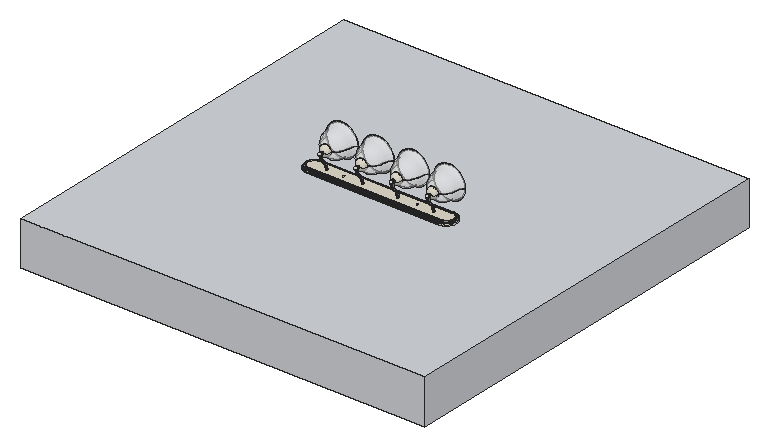
Revit family "P3269-09 4-100W MED BATH BRKT", category Lighting Fixtures, host Face, Revit 2012
Parameters (values of type "P3269-09 4-100W MED BATH BRKT")
  Wire Finish = Wire Finish
  Wattage Comments = "100 W"  # constant formula
  URL = "http://www.progresslighting.com/"
  Product Page URL = "https://progresslighting.com/products.aspx?product=P3269-09"
  Product Documentation Link = "https://progresslighting.com/SpecSheets/P3269.pdf"
  Model = "P3269-09"  # constant formula
  Manufacturer Phone = "(864)-678-1000"  # constant formula
  Manufacturer Fax = "(864)-678-1065"  # constant formula
  Manufacturer = "Progress Lighting"  # constant formula
  Lamp = "Four Lamps"  # constant formula
  Glass = Ethed Albastor Glass Shade
  Description = " Four-light bath bracket with swirled alabaster glass."  # constant formula
  Default Elevation = 48"
  Back Plate = Brushed Nickel
Reference planes (in)
  plane 1 "Center (Front/Back)": y = 0
  plane 2: z = -1.5
  plane 3 "Center (Left/Right)": x = 0
  plane 4: z = -0.5
  plane 5: z = -0.71847
  plane 6: x = -18
  plane 7: x = 18
  plane 8: y = 3.5
  plane 9: z = 0.75
  plane 10: z = 8.75
  plane 11: z = 1
  plane 12: z = 0.78942
  plane 13: z = 4.81057
  plane 14: y = -3.5
  plane 15: x = -12.73353
  plane 16: y = -1
  plane 17: y = -1.19451
  plane 18: y = 1.23709
  plane 19: x = -4.20795
  plane 20: y = -1.20427
  plane 21: y = -1
  plane 22: x = 12.73353
  plane 23: y = -1
  plane 24: y = -1.19451
  plane 25: x = 4.20795
  plane 26: y = -1.20427
Forms (in)
  Extrusion 1, solid
    sketch origin (0, 0, 0) x (1, 0, 0) y (0, 1, 0)
      loop
        line (-48, 48) -> (-48, -48) -> (48, -48) -> (48, 48) -> (-48, 48)
    from -1.5 to -12
  Sweep 2, solid, material "Brushed Nickel" <- "Back Plate"
    path origin (-0.00394, -1.19491, 0) x (0, -1, 0) y (1, 0, 0)
      loop
        line (-2.432, 15.62938) -> (-2.432, -15.62151)
        arc (-2.432, -15.62151) -> (-0.06345, -17.99006) -> (2.30509, -15.62151) r 2.36855
        line (2.30509, -15.62151) -> (2.30509, 15.62938)
        arc (2.30509, 15.62938) -> (-0.06345, 17.99793) -> (-2.432, 15.62938) r 2.36855
    profile origin (0, 1.23709, 0) x (0, -1, 0) y (0, 0, 1)
      loop
        line (0, 0) -> (0.64198, 0) -> (0.64198, 0.75) -> (0.59807, 0.75) -> (0.52599, 0.75) -> (0.52599, 0.54033) -> (0.3856, 0.54033) -> (0.30544, 0.54033)
        arc (0.30544, 0.54033) -> (0.25179, 0.51811) -> (0.22957, 0.46447) r 0.07587
        line (0.22957, 0.46447) -> (0.22957, 0.34596) -> (0.08284, 0.34596)
        arc (0.08284, 0.34596) -> (0.02595, 0.32339) -> (0, 0.26794) r 0.08299
        line (0, 0.26794) -> (0, 0)
  Extrusion 3, solid, material "Brushed Nickel" <- "Back Plate"
    sketch origin (-8.72965, -1.16041, 0) x (0, -1, 0) y (1, 0, 0)
      loop
        circle (0, 0) r 0.16078
    from 0.75 to 0.78942
  Sweep 4, solid, material "Brushed Nickel" <- "Back Plate"
    path origin (0, 0.52284, -0.28064) x (0, 1, 0) y (0, 0, 1)
      loop
        arc (-3.30463, 5.12244) -> (-3.38713, 4.79533) -> (-3.40714, 4.45858) r 1.80008
        arc (-3.40714, 4.45858) -> (-3.35474, 4.08516) -> (-3.2257, 3.73086) r 1.80008
        arc (-3.2257, 3.73086) -> (-3.03492, 3.43721) -> (-2.77886, 3.19834) r 1.43917
        arc (-2.77886, 3.19834) -> (-2.22425, 2.62396) -> (-1.89901, 1.89476) r 2.30375
        arc (-1.89901, 1.89476) -> (-1.79941, 1.46435) -> (-1.71534, 1.03064) r 12.29458
    profile origin (0, -2.8319, 3.80452) x (0, 0.970296, 0.241922) y (1, 0, 0)
      loop
        circle (0, -12.73353) r 0.14
  Extrusion 5, solid, material "Brushed Nickel" <- "Back Plate"
    sketch origin (-12.74442, 0.54053, 0) x (1, 0, 0) y (0, 1, 0)
      loop
        circle (0.00973, -1.73433) r 0.16
    from 0.75 to 0.78942
  Sweep 6, solid, material "Wire Finish" <- "Wire Finish"
    path origin (-12.7286, -1.01892, -0.43073) x (1, 0, 0) y (0, 0.173648, 0.984808)
      loop
        line (0.20189, 4.81057) -> (0.20189, 5.02384)
        arc (0.20189, 5.02384) -> (-0.00726, 5.23298) -> (-0.21641, 5.02384) r 0.20915
        line (-0.21641, 5.02384) -> (-0.21641, 4.81057)
    profile origin (-12.945, -0.16506, 4.41178) x (1, 0, 0) y (0, -0.984808, 0.173648)
      loop
        circle (0, 2.72367) r 0.05859
  Sweep 7, solid, material "Wire Finish" <- "Wire Finish"
    path origin (-12.73584, 0.48492, -0.02458) x (0, 1, 0) y (0, 0, 1)
      loop
        arc (-3.34604, 4.82343) -> (-3.38599, 4.35205) -> (-3.34604, 3.88067) r 2.80106
        arc (-3.34604, 3.88067) -> (-3.17636, 3.40439) -> (-2.85508, 3.01398) r 1.46729
        arc (-2.85508, 3.01398) -> (-2.54996, 2.7313) -> (-2.26729, 2.42619) r 5.45092
        arc (-2.26729, 2.42619) -> (-2.06596, 2.13666) -> (-1.92711, 1.81249) r 1.74078
        arc (-1.92711, 1.81249) -> (-1.78518, 1.29778) -> (-1.67871, 0.77458) r 7.81758
    profile origin (-12.73584, -2.90107, 4.32748) x (1, 0, 0) y (0, 1, 0)
      loop
        circle (0.20855, 0) r 0.05722
  Sweep 8, solid, material "Wire Finish" <- "Wire Finish"
    path origin (-12.73121, 0.48492, -0.02458) x (0, 1, 0) y (0, 0, -1)
      loop
        arc (-3.34604, -4.82343) -> (-3.38599, -4.35205) -> (-3.34604, -3.88067) r 2.80106
        arc (-3.34604, -3.88067) -> (-3.17636, -3.40439) -> (-2.85508, -3.01398) r 1.46729
        arc (-2.85508, -3.01398) -> (-2.54996, -2.7313) -> (-2.26729, -2.42619) r 5.45092
        arc (-2.26729, -2.42619) -> (-2.06596, -2.13666) -> (-1.92711, -1.81249) r 1.74078
        arc (-1.92711, -1.81249) -> (-1.78518, -1.29778) -> (-1.67871, -0.77458) r 7.81758
    profile origin (-12.73121, -2.90107, 4.32748) x (-1, 0, 0) y (0, -1, 0)
      loop
        circle (0.20855, 0) r 0.05722
  Extrusion 9, solid, material "Brushed Nickel" <- "Back Plate"
    sketch origin (0, 0, 0) x (1, 0, 0) y (0, 1, 0)
      loop
        arc (-15.62545, 0.59511) -> (-17.35201, -1.13145) -> (-15.62545, -2.85802) r 1.72656
        line (-15.62545, -2.85802) -> (15.62545, -2.85802)
        arc (15.62545, -2.85802) -> (17.35201, -1.13145) -> (15.62545, 0.59511) r 1.72656
        line (15.62545, 0.59511) -> (-15.62545, 0.59511)
    from 0 to 0.75
  Sweep 10, solid, material "Wire Finish" <- "Wire Finish"
    path origin (0.35099, 0.03396, 0) x (1, 0, 0) y (0, 1, 0)
      loop
        arc (15.27446, -3.00797) -> (17.11701, -1.16542) -> (15.27446, 0.67713) r 1.84255
        line (15.27446, 0.67713) -> (-15.97644, 0.67713)
        arc (-15.97644, 0.67713) -> (-17.81899, -1.16542) -> (-15.97644, -3.00797) r 1.84255
        line (-15.97644, -3.00797) -> (15.27446, -3.00797)
    profile origin (17.468, -1.13145, 0) x (-1, 0, 0) y (0, 0, 1)
      loop
        arc (0, 0.74897) -> (-0.13004, 0.71217) -> (-0.18658, 0.58943) r 0.1615
        line (-0.18658, 0.58943) -> (-0.18658, 0.54033) -> (0, 0.54033) -> (0, 0.74897)
  Sweep 11, solid, material "Brushed Nickel" <- "Back Plate"
    path origin (-9.32713, 0.51308, -0.28064) x (0, 1, 0) y (0, 0, -1)
      loop
        arc (-3.30463, -5.12244) -> (-3.38713, -4.79533) -> (-3.40714, -4.45858) r 1.80008
        arc (-3.40714, -4.45858) -> (-3.35474, -4.08516) -> (-3.2257, -3.73086) r 1.80008
        arc (-3.2257, -3.73086) -> (-3.03492, -3.43721) -> (-2.77886, -3.19834) r 1.43917
        arc (-2.77886, -3.19834) -> (-2.22425, -2.62396) -> (-1.89901, -1.89476) r 2.30375
        arc (-1.89901, -1.89476) -> (-1.79941, -1.46435) -> (-1.71534, -1.03064) r 12.29458
    profile origin (-9.32713, -2.84166, 3.80452) x (0, -0.970296, -0.241922) y (-1, 0, 0)
      loop
        circle (0, -5.11918) r 0.14
  Extrusion 12, solid, material "Brushed Nickel" <- "Back Plate"
    sketch origin (-4.19706, 0.53077, 0) x (-1, 0, 0) y (0, -1, 0)
      loop
        circle (0.00973, 1.73433) r 0.16
    from 0.75 to 0.78942
  Sweep 13, solid, material "Wire Finish" <- "Wire Finish"
    path origin (-4.21288, -1.02868, -0.43073) x (-1, 0, 0) y (0, -0.173648, -0.984808)
      loop
        line (0.20189, -4.81057) -> (0.20189, -5.02384)
        arc (0.20189, -5.02384) -> (-0.00726, -5.23298) -> (-0.21641, -5.02384) r 0.20915
        line (-0.21641, -5.02384) -> (-0.21641, -4.81057)
    profile origin (-3.99647, -0.17482, 4.41178) x (1, 0, 0) y (0, -0.984808, 0.173648)
      loop
        circle (0, 2.72367) r 0.05859
  Sweep 14, solid, material "Wire Finish" <- "Wire Finish"
    path origin (-4.20563, 0.47516, -0.02458) x (0, 1, 0) y (0, 0, -1)
      loop
        arc (-3.34604, -4.82343) -> (-3.38599, -4.35205) -> (-3.34604, -3.88067) r 2.80106
        arc (-3.34604, -3.88067) -> (-3.17636, -3.40439) -> (-2.85508, -3.01398) r 1.46729
        arc (-2.85508, -3.01398) -> (-2.54996, -2.7313) -> (-2.26729, -2.42619) r 5.45092
        arc (-2.26729, -2.42619) -> (-2.06596, -2.13666) -> (-1.92711, -1.81249) r 1.74078
        arc (-1.92711, -1.81249) -> (-1.78518, -1.29778) -> (-1.67871, -0.77458) r 7.81758
    profile origin (-4.20563, -2.91083, 4.32748) x (-1, 0, 0) y (0, -1, 0)
      loop
        circle (0.20855, 0) r 0.05722
  Sweep 15, solid, material "Wire Finish" <- "Wire Finish"
    path origin (-4.21027, 0.47516, -0.02458) x (0, 1, 0) y (0, 0, 1)
      loop
        arc (-3.34604, 4.82343) -> (-3.38599, 4.35205) -> (-3.34604, 3.88067) r 2.80106
        arc (-3.34604, 3.88067) -> (-3.17636, 3.40439) -> (-2.85508, 3.01398) r 1.46729
        arc (-2.85508, 3.01398) -> (-2.54996, 2.7313) -> (-2.26729, 2.42619) r 5.45092
        arc (-2.26729, 2.42619) -> (-2.06596, 2.13666) -> (-1.92711, 1.81249) r 1.74078
        arc (-1.92711, 1.81249) -> (-1.78518, 1.29778) -> (-1.67871, 0.77458) r 7.81758
    profile origin (-4.21027, -2.91083, 4.32748) x (1, 0, 0) y (0, 1, 0)
      loop
        circle (0.20855, 0) r 0.05722
  Extrusion 16, solid, material "Brushed Nickel" <- "Back Plate"
    sketch origin (8.72965, -1.16041, 0) x (0, -1, 0) y (1, 0, 0)
      loop
        circle (0, 0) r 0.16078
    from 0.75 to 0.78942
  Sweep 17, solid, material "Brushed Nickel" <- "Back Plate"
    path origin (0, 0.52284, -0.28064) x (0, 1, 0) y (0, 0, -1)
      loop
        arc (-3.30463, -5.12244) -> (-3.38713, -4.79533) -> (-3.40714, -4.45858) r 1.80008
        arc (-3.40714, -4.45858) -> (-3.35474, -4.08516) -> (-3.2257, -3.73086) r 1.80008
        arc (-3.2257, -3.73086) -> (-3.03492, -3.43721) -> (-2.77886, -3.19834) r 1.43917
        arc (-2.77886, -3.19834) -> (-2.22425, -2.62396) -> (-1.89901, -1.89476) r 2.30375
        arc (-1.89901, -1.89476) -> (-1.79941, -1.46435) -> (-1.71534, -1.03064) r 12.29458
    profile origin (0, -2.8319, 3.80452) x (0, -0.970296, -0.241922) y (-1, 0, 0)
      loop
        circle (0, -12.73353) r 0.14
  Extrusion 18, solid, material "Brushed Nickel" <- "Back Plate"
    sketch origin (12.74442, 0.54053, 0) x (-1, 0, 0) y (0, -1, 0)
      loop
        circle (0.00973, 1.73433) r 0.16
    from 0.75 to 0.78942
  Sweep 19, solid, material "Wire Finish" <- "Wire Finish"
    path origin (12.7286, -1.01892, -0.43073) x (-1, 0, 0) y (0, -0.173648, -0.984808)
      loop
        line (0.20189, -4.81057) -> (0.20189, -5.02384)
        arc (0.20189, -5.02384) -> (-0.00726, -5.23298) -> (-0.21641, -5.02384) r 0.20915
        line (-0.21641, -5.02384) -> (-0.21641, -4.81057)
    profile origin (12.945, -0.16506, 4.41178) x (1, 0, 0) y (0, -0.984808, 0.173648)
      loop
        circle (0, 2.72367) r 0.05859
  Sweep 20, solid, material "Wire Finish" <- "Wire Finish"
    path origin (12.73584, 0.48492, -0.02458) x (0, 1, 0) y (0, 0, -1)
      loop
        arc (-3.34604, -4.82343) -> (-3.38599, -4.35205) -> (-3.34604, -3.88067) r 2.80106
        arc (-3.34604, -3.88067) -> (-3.17636, -3.40439) -> (-2.85508, -3.01398) r 1.46729
        arc (-2.85508, -3.01398) -> (-2.54996, -2.7313) -> (-2.26729, -2.42619) r 5.45092
        arc (-2.26729, -2.42619) -> (-2.06596, -2.13666) -> (-1.92711, -1.81249) r 1.74078
        arc (-1.92711, -1.81249) -> (-1.78518, -1.29778) -> (-1.67871, -0.77458) r 7.81758
    profile origin (12.73584, -2.90107, 4.32748) x (-1, 0, 0) y (0, -1, 0)
      loop
        circle (0.20855, 0) r 0.05722
  Sweep 21, solid, material "Wire Finish" <- "Wire Finish"
    path origin (12.73121, 0.48492, -0.02458) x (0, 1, 0) y (0, 0, 1)
      loop
        arc (-3.34604, 4.82343) -> (-3.38599, 4.35205) -> (-3.34604, 3.88067) r 2.80106
        arc (-3.34604, 3.88067) -> (-3.17636, 3.40439) -> (-2.85508, 3.01398) r 1.46729
        arc (-2.85508, 3.01398) -> (-2.54996, 2.7313) -> (-2.26729, 2.42619) r 5.45092
        arc (-2.26729, 2.42619) -> (-2.06596, 2.13666) -> (-1.92711, 1.81249) r 1.74078
        arc (-1.92711, 1.81249) -> (-1.78518, 1.29778) -> (-1.67871, 0.77458) r 7.81758
    profile origin (12.73121, -2.90107, 4.32748) x (1, 0, 0) y (0, 1, 0)
      loop
        circle (0.20855, 0) r 0.05722
  Sweep 22, solid, material "Brushed Nickel" <- "Back Plate"
    path origin (9.32713, 0.51308, -0.28064) x (0, 1, 0) y (0, 0, 1)
      loop
        arc (-3.30463, 5.12244) -> (-3.38713, 4.79533) -> (-3.40714, 4.45858) r 1.80008
        arc (-3.40714, 4.45858) -> (-3.35474, 4.08516) -> (-3.2257, 3.73086) r 1.80008
        arc (-3.2257, 3.73086) -> (-3.03492, 3.43721) -> (-2.77886, 3.19834) r 1.43917
        arc (-2.77886, 3.19834) -> (-2.22425, 2.62396) -> (-1.89901, 1.89476) r 2.30375
        arc (-1.89901, 1.89476) -> (-1.79941, 1.46435) -> (-1.71534, 1.03064) r 12.29458
    profile origin (9.32713, -2.84166, 3.80452) x (0, 0.970296, 0.241922) y (1, 0, 0)
      loop
        circle (0, -5.11918) r 0.14
  Extrusion 23, solid, material "Brushed Nickel" <- "Back Plate"
    sketch origin (4.19706, 0.53077, 0) x (1, 0, 0) y (0, 1, 0)
      loop
        circle (0.00973, -1.73433) r 0.16
    from 0.75 to 0.78942
  Sweep 24, solid, material "Wire Finish" <- "Wire Finish"
    path origin (4.21288, -1.02868, -0.43073) x (1, 0, 0) y (0, 0.173648, 0.984808)
      loop
        line (0.20189, 4.81057) -> (0.20189, 5.02384)
        arc (0.20189, 5.02384) -> (-0.00726, 5.23298) -> (-0.21641, 5.02384) r 0.20915
        line (-0.21641, 5.02384) -> (-0.21641, 4.81057)
    profile origin (3.99647, -0.17482, 4.41178) x (1, 0, 0) y (0, -0.984808, 0.173648)
      loop
        circle (0, 2.72367) r 0.05859
  Sweep 25, solid, material "Wire Finish" <- "Wire Finish"
    path origin (4.20563, 0.47516, -0.02458) x (0, 1, 0) y (0, 0, 1)
      loop
        arc (-3.34604, 4.82343) -> (-3.38599, 4.35205) -> (-3.34604, 3.88067) r 2.80106
        arc (-3.34604, 3.88067) -> (-3.17636, 3.40439) -> (-2.85508, 3.01398) r 1.46729
        arc (-2.85508, 3.01398) -> (-2.54996, 2.7313) -> (-2.26729, 2.42619) r 5.45092
        arc (-2.26729, 2.42619) -> (-2.06596, 2.13666) -> (-1.92711, 1.81249) r 1.74078
        arc (-1.92711, 1.81249) -> (-1.78518, 1.29778) -> (-1.67871, 0.77458) r 7.81758
    profile origin (4.20563, -2.91083, 4.32748) x (1, 0, 0) y (0, 1, 0)
      loop
        circle (0.20855, 0) r 0.05722
  Sweep 26, solid, material "Wire Finish" <- "Wire Finish"
    path origin (4.21027, 0.47516, -0.02458) x (0, 1, 0) y (0, 0, -1)
      loop
        arc (-3.34604, -4.82343) -> (-3.38599, -4.35205) -> (-3.34604, -3.88067) r 2.80106
        arc (-3.34604, -3.88067) -> (-3.17636, -3.40439) -> (-2.85508, -3.01398) r 1.46729
        arc (-2.85508, -3.01398) -> (-2.54996, -2.7313) -> (-2.26729, -2.42619) r 5.45092
        arc (-2.26729, -2.42619) -> (-2.06596, -2.13666) -> (-1.92711, -1.81249) r 1.74078
        arc (-1.92711, -1.81249) -> (-1.78518, -1.29778) -> (-1.67871, -0.77458) r 7.81758
    profile origin (4.21027, -2.91083, 4.32748) x (-1, 0, 0) y (0, -1, 0)
      loop
        circle (0.20855, 0) r 0.05722
Lines and regions (in)
  model lines
    curve 1: line (7.15922, -2.85802, 0) -> (-4.16315, -2.85802, 0)
Dimensions and locks (in)
  locked: plane 2 to plane 4 at 1
  plane 4 to Extrusion 1 = 1"
  plane 2 to plane 5 to plane 4 = 0.78153", 0.21847"
  locked: plane 4 to plane 5 at 0.21847
  locked: plane 9 to plane 4 at 1.25
  plane 9 to Sweep 2 sketch curve = 0.20967"
  level to plane 9 = 3/4"
  locked: plane 10 to level at 8.75
  plane 3 "Center (Left/Right)" to Extrusion 3 sketch curve = 8.72965"
  locked: Extrusion 3 sketch curve to Extrusion 3 sketch curve
  level to plane 11 = 1"
  locked: plane 12 to plane 11 at 0.21058
  Extrusion 5 sketch curve to plane 1 "Center (Front/Back)" = 1.1938"  (x2)
  Extrusion 5 sketch curve to plane 3 "Center (Left/Right)" = 12.73469"
  plane 4 to Sweep 2 sketch curve to plane 9 = 0.76297" locked, 0.48703" locked
  Extrusion 3 sketch curve to plane 1 "Center (Front/Back)" = 1.16041"
  plane 10 to level = 8 3/4"
  locked: plane 8 to plane 1 "Center (Front/Back)" at 3.5
  plane 3 "Center (Left/Right)" to plane 7 = 18"
  plane 6 to plane 3 "Center (Left/Right)" = 18"
  locked: Extrusion 9 to Extrusion 3 sketch curve at 1.75552
  locked: Extrusion 3 sketch curve to plane 3 "Center (Left/Right)" at 8.72965
  locked: nested 1 to plane 3 "Center (Left/Right)" at 12.74349
  locked: nested 2 to curve 1 at 3.10802
  locked: nested 2 to plane 6 at 13.80201
  locked: curve 1 to nested 1 at 3.10802
  locked: Sweep 6 sketch curve to Sweep 2 at 3.76679
  locked: plane 15 to Sweep 6 sketch curve at 0.00233
  locked: plane 20 to Sweep 7 sketch curve at 4.71516
  locked: Extrusion 16 sketch curve to Extrusion 16 sketch curve
  locked: plane 22 to Sweep 19 sketch curve at 0.00233
  locked: plane 26 to Sweep 20 sketch curve at 4.71516
  locked: nested 4 to plane 7 at 13.80201
  locked: nested 3 to plane 3 "Center (Left/Right)" at 12.74349
  locked: nested 3 to curve 1 at 3.10802
  nested 4 to plane 8 = 3 1/4"
  aligned and locked: plane 2 to Extrusion 1
  aligned and locked: Sweep 2 sketch curve to profile plane
  aligned and locked: plane 9 to Sweep 2 sketch curve
  aligned and locked: Sweep 2 sketch curve to Sweep 2 sketch curve
  aligned and locked: Extrusion 3 to plane 12
  aligned and locked: Extrusion 3 to Extrusion 5
  aligned and locked: Sweep 2 sketch curve to plane 18
  aligned and locked: Sweep 2 sketch curve to plane 14
  aligned and locked: Sweep 10 sketch curve to Sweep 2  (x4)
  aligned and locked: Extrusion 9 sketch curve to Sweep 2  (x4)
  aligned and locked: Extrusion 16 to Extrusion 18
Nested families (in)
  nested 1: "p3266 Lamp" at (-12.74349, 0.25, 4.88799), type "p3266 Lamp"
  nested 2: "p3266 Lamp" at (-4.19799, 0.25, 4.88799) x (-1, 0, 0) z (0, 0, 1), type "p3266 Lamp"
  nested 3: "p3266 Lamp" at (12.74349, 0.25, 4.88799) x (-1, 0, 0) z (0, 0, 1), type "p3266 Lamp"
  nested 4: "p3266 Lamp" at (4.19799, 0.25, 4.88799), type "p3266 Lamp"
Connectors (in)
  electrical at (0, -1.13145, 0), driven by "Description"
    settings: on Sweep 2, index 1, voltage 0 V, apparent load 0 VA, apparent load phase1 0 VA, apparent load phase2 0 VA, apparent load phase3 0 VA, power factor 1, load classification "Other", number of poles 1, system type 30, power factor state 1, is connector primary yes, connector utility no, sub classification motor no, connector description " Four-light bath bracket with swirled alabaster glass."
Definition of nested family "p3266 Lamp"
  Parameters (values of type "p3266 Lamp")
    Wattage = 9.2903 W
    built-in parameter 1150110 = 1 (stored number, unit not read)
    built-in parameter 1114217 = 1 (stored number, unit not read)
    built-in parameter 1150109 = 1 (stored number, unit not read)
    built-in parameter 1150134 = 3
    built-in parameter 1150113 = 1 (stored number, unit not read)
    built-in parameter 1150105 = 109.82 (stored number, unit not read)
    Lumens = 1380 lm
    built-in parameter 1150115 = 1 (stored number, unit not read)
    Light Source Symbol Size = 4"
    built-in parameter 1150137 = (empty or 0)
    built-in parameter 1150139 = (empty or 0)
    built-in parameter 1150112 = 1 (stored number, unit not read)
    built-in parameter 1150114 = 1 (stored number, unit not read)
    built-in parameter 1150132 = (empty or 0)
    built-in parameter 1150102 = (empty or 0)
    built-in parameter 1150107 = 3200 (stored number, unit not read)
    built-in parameter 1150138 = (empty or 0)
    built-in parameter 1150106 = 1.0982 (stored number, unit not read)
    Glass = Ethed Albastor Glass Shade
    built-in parameter 1150104 = 13.8 (stored number, unit not read)
    Dimming Lamp Color Temperature Shift = (empty or 0)
    Color Filter = 16777215
    built-in parameter 1114218 = 1 (stored number, unit not read)
    Back Plate = Brushed Nickel
    built-in parameter 1150133 = 10 (stored number, unit not read)
  Reference planes (in)
    plane 1 "Center (Front/Back)": y = 0
    plane 2: z = 0
    plane 3 "Center (Left/Right)": x = 0
    plane 4: x = -3.875
    plane 5: y = 3.25
    plane 6: y = -3.25
    plane 7: x = 3.875
    plane 8: z = 3.875
    plane 9: y = -1
    plane 10: y = -2.25
    plane 11: y = -3.75
  Forms (in)
    Revolve 1, solid, material "Ethed Albastor Glass Shade" <- "Glass"
      sketch origin (0, -0.51354, 0) x (1, 0, 0) y (0, 1, 0)
        loop
          line (3.875, 3.71134) -> (3.875, 3.7439)
          arc (3.875, 3.7439) -> (3.86925, 3.75779) -> (3.85536, 3.76354) r 0.01964
          line (3.85536, 3.76354) -> (3.64166, 3.76354)
          spline (3.64166, 3.76354) -> (3.24099, 3.23713) -> (3.03059, 2.78568) -> (2.9435, 2.39437) -> (2.90276, 2.0486) -> (2.86273, 1.71241) -> (2.80633, 1.37286) -> (2.71736, 1.01764) -> (2.57945, 0.63398) -> (2.37522, 0.23382) -> (2.08413, -0.15767) -> (1.68204, -0.51551) -> (1.14161, -0.81571)
          line (1.14161, -0.81571) -> (1.21931, -1)
          spline (1.21931, -1) -> (1.81159, -0.67592) -> (2.25676, -0.28489) -> (2.57939, 0.14268) -> (2.80406, 0.57634) -> (2.95511, 0.98707) -> (3.05299, 1.36738) -> (3.11515, 1.72668) -> (3.15893, 2.07482) -> (3.20215, 2.42187) -> (3.2858, 2.78757) -> (3.48437, 3.20576) -> (3.875, 3.71134)
        axis (0, -1) -> (0, 3.76354)
      angle from 0 to 360
    Revolve 2, solid, material "Brushed Nickel" <- "Back Plate"
      sketch origin (0, -0.51354, 0) x (1, 0, 0) y (0, 1, 0)
        loop
          line (1.21931, -1) -> (0, -1) -> (0, -3.25)
          arc (0, -3.25) -> (0.25598, -3.04467) -> (0.11109, -2.75023) r 0.26223
          line (0.11109, -2.75023) -> (0.20689, -2.75023)
          arc (0.20689, -2.75023) -> (0.21962, -2.73171) -> (0.20689, -2.71318) r 0.01984
          arc (0.20689, -2.71318) -> (0.17279, -2.53195) -> (0.20689, -2.35073) r 0.49872
          arc (0.20689, -2.35073) -> (0.22723, -2.3423) -> (0.23566, -2.32195) r 0.02878
          arc (0.23566, -2.32195) -> (0.27624, -2.29748) -> (0.28176, -2.25043) r 0.05383
          arc (0.28176, -2.25043) -> (0.95201, -1.88836) -> (1.21931, -1.175) r 1.08556
          line (1.21931, -1.175) -> (1.21931, -1)
        axis (0, -1) -> (0, -3.25)
      angle from 0 to 360
  Dimensions and locks (in)
    locked: plane 4 to plane 3 "Center (Left/Right)" at 3.875
    locked: plane 5 to plane 1 "Center (Front/Back)" at 3.25
    locked: plane 6 to plane 1 "Center (Front/Back)" at 3.25
    locked: plane 7 to plane 3 "Center (Left/Right)" at 3.875
    locked: plane 8 to plane 2 at 3.875
    locked: plane 5 to plane 9 at 4.25
    plane 6 to plane 5 = 6 1/2"
    Revolve 2 sketch curve to plane 1 "Center (Front/Back)" = 1.51354"
    Revolve 2 sketch curve to plane 4 = 5.09431"
    plane 9 to Revolve 2 sketch curve = 0.68854"
    Revolve 2 sketch curve to plane 6 = 0.25131"
    plane 10 to Revolve 2 sketch curve = 0.79549"
    plane 10 to Revolve 2 sketch curve = 0.73646"
    locked: plane 5 to plane 11 at 7
    aligned and locked: plane 2 to level
    aligned and locked: Revolve 2 sketch curve to plane 3 "Center (Left/Right)"  (x2)
    aligned and locked: plane 5 to Revolve 1 sketch curve
